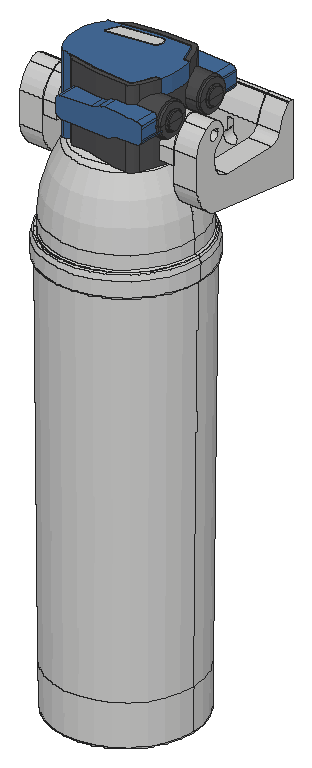
Revit family "DefaultType", category Specialty Equipment, Revit 2018
Family settings
  Round Connector Dimension = Use Diameter
  Part Type = Normal
  OmniClass Number = 23.40.40.14.24
  OmniClass Title = Food Dispensing Equipment
  Work Plane-Based = No
  Always vertical = Yes
  Cut with Voids When Loaded = No
  Shared = No
  Room Calculation Point = No
Parameters (values of type "DefaultType")
  Width = 0' - 4 87/128"  # constant formula
  Weight in Pounds = 6.17
  Wall Bracket Location [instance] = if(Wall Bracket, 0' 0 15/16", 0' 0")  # 0' - 0 15/16"
  Wall Bracket [instance] = yes
  URL Cutsheet = "www.vivreauwater.com/purity_c_quell_st_spec-sheet"
  URL = "www.vivreauwater.com/professional-filters"
  Status = ""
  Specification by User [instance] = ""
  Specification by Manufacturer = "Purity C Quell ST 300 water filtration kit, includes filter head, mount and filter cartridge. Capacity of 1057 gallons for coffee, espresso, vending.   Max operating pressure 125 psi, water intake temp 39-86 degrees Fahrenheit, Nominal flow (pressure loss at nominal flow) 60 I/h 3.6 PSI.   Dimensions w/d/h with filter head 4.9/4.6/18.3in , weight dry/wet 6.1/9.2lbs connection G3/8”, position horizontal and vertical.  Technology, decarbonization.  Systematic filter system, pre-filter, carbonate hardness reduction, activated carbon filtration and fine filtration."
  Serial Number [instance] = ""
  Seismic Rating = ""
  SMACNA No = ""
  Revision Code = ""
  Plumbing Remarks = ""
  Plumbing Connection Type = "NPT"
  NAFEM Spec ID Number = ""
  Mounting Height [instance] = 3' - 0"
  Model = "PURITY C300 Quell ST"
  Masterspec = "Division 11"
  Manufacturer = "Vivreau"
  KCLRef = "KCL2C9,,44d91e82-04aa-478f-a02c-4dd25de865a0,VI,PURITY C300 QUELL ST,637475599520000000,6aab247b-bef6-4b92-84de-7421b6d27a09,ab611030-743f-4f48-897c-af1a01b9a17b"
  KCL SpecSheet URL = "http://kclweb.kclcad.com/imagehandler.ashx?kdoc=mfr_purity%20c_quell_st_specs&R=VI&M=PURITY%20C300%20QUELL%20ST&VC=7&TID=KCLWeb&T=doc"
  Item Number [instance] = ""
  Installed By [instance] = ""
  Identify Quantity as Lot = yes
  Height = 1' - 6 67/256"  # constant formula
  Furnished By [instance] = ""
  Foodservice Equipment Identifier = yes
  Description = "Water Filter"
  Depth = 0' - 4 11/16"  # constant formula
  Cold Water Temperature Recommended = 40 °F
  Cold Water Size = 1/2"
  Cold Water RI Height = 0' - 0"
  Cold Water Minimum Pressure = 29.00 psi
  Cold Water Maximum Pressure = 124.00 psi
  Cold Water Flow = 0.264 GPM
  Cold Water Connection Height = 1' - 5 1/2"
  CSI MasterFormat = "11 46 00"
  Assembly Code = "E1090320"
Reference planes (in)
  plane 1 "BACK": y = 0
  plane 2 "REF. LAYER": z = 0
  plane 3 "Center (Left/Right)": x = 2.125
  plane 4 "Center (Front/Back)": y = -2.125
  plane 5 "Center (Bottom/Top)": z = 43.78488
  plane 6 "Center F/C": z = 54.26172
  plane 7 "Center F/G": z = 52.44396
  plane 8 "Center F/I": z = 53.35969
  plane 9 "Center F/J": x = 4.31004
  plane 10 "Center F/K": y = 0.9375
  plane 11 "Center F/P": z = 36
  plane 12 "Center F/Q": x = -0.21556
  plane 13 "Center F/R": x = 4.46413
  plane 14 "Center F/S": y = -4.47719
  plane 15 "Center F/T": y = 0.21031
Forms (in)
  Revolve 1, solid, material "QF_Plastic-Grey-Vivreau"
    sketch origin (0, -2.125, 0) x (1, 0, 0) y (0, 0, 1)
      loop
        arc (2.12444, 36.20067) -> (3.14226, 36.28114) -> (4.1161, 36.58781) r 4.52345
        line (4.1161, 36.58781) -> (4.1161, 36.02069)
        arc (4.1161, 36.02069) -> (4.12216, 36.00606) -> (4.13679, 36) r 0.02069
        line (4.13679, 36) -> (4.22048, 36)
        arc (4.22048, 36) -> (4.23515, 36.00604) -> (4.24132, 36.02067) r 0.02085
        line (4.24132, 36.02067) -> (4.25232, 37.28062) -> (4.35187, 48.65354) -> (4.44341, 48.65354)
        arc (4.44341, 48.65354) -> (4.45739, 48.65937) -> (4.4631, 48.6734) r 0.01969
        line (4.4631, 48.6734) -> (4.45911, 49.12992) -> (4.4145, 49.29759)
        arc (4.4145, 49.29759) -> (4.40044, 49.31864) -> (4.37647, 49.32677) r 0.03937
        line (4.37647, 49.32677) -> (4.32447, 49.32677)
        arc (4.32447, 49.32677) -> (4.29676, 49.33818) -> (4.2851, 49.3658) r 0.03937
        line (4.2851, 49.3658) -> (4.28162, 49.76465)
        arc (4.28162, 49.76465) -> (4.12884, 50.79056) -> (3.70018, 51.73506) r 3.74016
        arc (3.70018, 51.73506) -> (3.64338, 51.80528) -> (3.57207, 51.86071) r 0.3937
        arc (3.57207, 51.86071) -> (3.47576, 51.91658) -> (3.37727, 51.9685) r 2.75591
        line (3.37727, 51.9685) -> (3.02328, 51.9685) -> (3.02328, 52.44396) -> (2.12444, 52.44396) -> (2.12444, 36.20067)
      axis (2.12444, 52.44396) -> (2.12444, 36)
    angle from 0 to 360
Lines and regions (in)
  symbolic lines
    curve 1: arc (3.61825, -0.32949, 0) -> (1.55846, 0.14055, 0) -> (-0.03764, -1.24371, 0) r 2.33531
    curve 2: arc (4.31004, -2.94918, 0) -> (4.46031, -2.125, 0) -> (4.31004, -1.30082, 0) r 2.33531
    curve 3: arc (-0.10876, -2.8495, 0) -> (1.467, -4.37924, 0) -> (3.61825, -3.93739, 0) r 2.34831
Dimensions and locks (in)
  plane 4 "Center (Front/Back)" to plane 1 "BACK" = 0' - 2 1/8"
  plane 8 "Center F/I" to plane 7 "Center F/G" to plane 5 "Center (Bottom/Top)" to plane 11 "Center F/P" = 0' - 0.91573" locked, 0' - 8.65907" locked, 0' - 7.78488" locked
  "Wall Bracket Location": plane 1 "BACK" to plane 10 "Center F/K"
  "Height": plane 6 "Center F/C" to plane 11 "Center F/P"
  "Mounting Height": plane 11 "Center F/P" to plane 2 "REF. LAYER"
  "Width": plane 12 "Center F/Q" to plane 13 "Center F/R"
  "Depth": plane 15 "Center F/T" to plane 14 "Center F/S"
  aligned and locked: level to plane 2 "REF. LAYER"
  aligned and locked: plane 10 "Center F/K" to nested 2
  aligned and locked: plane 4 "Center (Front/Back)" to nested 1
  aligned and locked: plane 7 "Center F/G" to Revolve 1 sketch curve
Automatic sketch dimensions
  plane 12 "Center F/Q" to Revolve 1 sketch curve = 0' - 0.75717"
  Revolve 1 sketch curve to plane 3 "Center (Left/Right)" = 0' - 0.00056"  (x2)
  plane 3 "Center (Left/Right)" to Revolve 1 sketch curve = 0' - 0.01645"
  plane 3 "Center (Left/Right)" to Revolve 1 sketch curve = 0' - 0.15414"
  plane 3 "Center (Left/Right)" to Revolve 1 sketch curve = 0' - 0.89828"
  Revolve 1 sketch curve to Revolve 1 sketch curve = 0' - 0.34442"
  Revolve 1 sketch curve to Revolve 1 sketch curve = 0' - 0.35399"
  Revolve 1 sketch curve to plane 9 "Center F/J" = 0' - 0.19394"
  Revolve 1 sketch curve to Revolve 1 sketch curve = 0' - 0.02069"
  plane 11 "Center F/P" to Revolve 1 sketch curve = 0' - 0.02085"
  Revolve 1 sketch curve to Revolve 1 sketch curve = 0' - 0.08369"
  plane 11 "Center F/P" to Revolve 1 sketch curve = 0' - 0.02067"
  Revolve 1 sketch curve to plane 9 "Center F/J" = 0' - 0.02842"
  Revolve 1 sketch curve to plane 9 "Center F/J" = 0' - 0.02493"
  plane 9 "Center F/J" to Revolve 1 sketch curve = 0' - 0.01443"
  plane 9 "Center F/J" to Revolve 1 sketch curve = 0' - 0.04183"
  Revolve 1 sketch curve to Revolve 1 sketch curve = 0' - 0.052"
  Revolve 1 sketch curve to Revolve 1 sketch curve = 0' - 0.03803"
  Revolve 1 sketch curve to plane 13 "Center F/R" = 0' - 0.02072"
  Revolve 1 sketch curve to plane 13 "Center F/R" = 0' - 0.00103"
  plane 11 "Center F/P" to Revolve 1 sketch curve = 0' - 0.20067"
  Revolve 1 sketch curve to Revolve 1 sketch curve = 0' - 0.56712"
  Revolve 1 sketch curve to plane 7 "Center F/G" = 0' - 3.79041"
  Revolve 1 sketch curve to Revolve 1 sketch curve = 0' - 0.01969"
  Revolve 1 sketch curve to Revolve 1 sketch curve = 0' - 0.61417"
  Revolve 1 sketch curve to Revolve 1 sketch curve = 0' - 0.01019"
  Revolve 1 sketch curve to Revolve 1 sketch curve = 0' - 0.03903"
  Revolve 1 sketch curve to Revolve 1 sketch curve = 0' - 0.13942"
  Revolve 1 sketch curve to Revolve 1 sketch curve = 0' - 0.22679"
  Revolve 1 sketch curve to Revolve 1 sketch curve = 0' - 0.39885"
  Revolve 1 sketch curve to plane 7 "Center F/G" = 0' - 0.91974"
  Revolve 1 sketch curve to plane 7 "Center F/G" = 0' - 0.47545"
  Revolve 1 sketch curve to Revolve 1 sketch curve = 0' - 0"
  Revolve 1 sketch curve to plane 9 "Center F/J" = 0' - 0.05772"
  Revolve 1 sketch curve to plane 13 "Center F/R" = 0' - 0.00502"
  Revolve 1 sketch curve to plane 11 "Center F/P" = 0' - 2.2815"
  Revolve 1 sketch curve to Revolve 1 sketch curve = 0' - 0.69281"
  Revolve 1 sketch curve to Revolve 1 sketch curve = 0' - 0.16767"
  Revolve 1 sketch curve to Revolve 1 sketch curve = 0' - 0 3/4"
  curve 1 to curve 2 = 0' - 0"
  curve 1 to curve 3 = 0' - 0"  (x2)
  curve 2 to curve 3 = 0' - 0"
  curve 2 to plane 3 "Center (Left/Right)" = 0' - 0"
  curve 2 to plane 9 "Center F/J" = 0' - 0"  (x2)
  plane 4 "Center (Front/Back)" to curve 1 = 0' - 0"
  plane 12 "Center F/Q" to curve 1 = 0' - 0.17792"
  plane 12 "Center F/Q" to curve 3 = 0' - 0.1068"
  curve 3 to curve 2 = 0' - 0.69178"
  plane 1 "BACK" to curve 1 = 0' - 0.32949"
  curve 1 to curve 2 = 0' - 0.69178"
  plane 4 "Center (Front/Back)" to curve 2 = 0' - 0.82418"
  Revolve 1 sketch curve to plane 11 "Center F/P" = 0' - 0"
  curve 3 to plane 14 "Center F/S" = 0' - 0.5398"
Nested families (in)
  nested 1: "QF_Vivreau_ Filter Head_C300" at (0.56167, -0.22503, 0), Mounting Height <- "Mounting Height", type "QF_Vivreau_ Filter Head_C300"
    with Specification by User "", Serial Number "", Mounting Height 3' - 0", Installed By "", Furnished By ""
  nested 2: "QF_Vivreau_Wall Bracket_C300" at (-0.61927, 0.9375, 0), Mounting Height <- "Mounting Height", visible <- "Wall Bracket", type "QF_Vivreau_Wall Bracket_C300"
    with Specification by User "", Serial Number "", Mounting Height 3' - 0", Installed By "", Furnished By ""
Connectors (in)
  piping at (4.31004, -2.9124, 53.40625), diameter 0.5, driven by "Cold Water Size", driven by "Cold Water Flow"
    settings: on nested 1, index 1, connector inside diameter 24", connector length 0' - 0", flow factor 0, pipe flow 0.264 GPM, pressure drop 0.00 psi, fitting loss kfactor 0, connector angle 0.00°, fixture units 0, engagement length 0' - 0", angle of deflection 0.00°, flow configuration 1, flow direction 1, fitting loss method 0, system type 20, joint type 0, gender type 0, connector reference index -1, connector utility 0, adjustable connector no, is connector primary yes, connector description "Cold Water"
Definition of nested family "QF_Vivreau_ Filter Head_C300"
  Parameters (values of type "QF_Vivreau_ Filter Head_C300")
    Width = 3' - 0"
    Weight in Pounds = 0
    URL Cutsheet = ""
    Status = ""
    Specification by User [instance] = ""
    Specification by Manufacturer = ""
    Serial Number [instance] = ""
    Seismic Rating = ""
    SMACNA No = ""
    Revision Code = ""
    NAFEM Spec ID Number = ""
    Mounting Height [instance] = 3' - 0"
    Masterspec = ""
    Installed By [instance] = ""
    Identify Quantity as Lot = yes
    Height = 3' - 0"
    Furnished By [instance] = ""
    Foodservice Equipment Identifier = yes
    Depth = 3' - 0"
    CSI MasterFormat = ""
  Reference planes (in)
    plane 1 "BACK": y = 0
    plane 2 "REF. LAYER": z = 0
    plane 3 "LEFT": x = 0
    plane 4 "Center F/C": x = 3.74837
    plane 5 "Center F/D": y = -3.83618
    plane 6 "Center F/E": z = 53.40625
    plane 7 "Center F/F": z = 54.26113
    plane 8 "Center F/G": z = 51.83732
    plane 9 "Center F/H": z = 52.93291
    plane 10 "Center F/I": z = 53.761
    plane 11 "Center F/J": y = -1.89997
    plane 12 "Center F/N": z = 36
    plane 13 "Center F/O": z = 54.11833
  Forms (in)
    Extrusion 1, solid
      sketch origin (-0.56167, 0.22503, 0) x (1, 0, 0) y (0, 1, 0)
        loop
          arc (3.17939, -3.30146) -> (3.22697, -3.28602) -> (3.25911, -3.24769) r 0.09059
          arc (3.25911, -3.24769) -> (3.55796, -2.125) -> (3.25911, -1.00231) r 2.25819
          arc (3.25911, -1.00231) -> (3.22697, -0.96398) -> (3.17939, -0.94854) r 0.09059
          arc (3.17939, -0.94854) -> (2.02567, -0.99526) -> (0.89165, -1.21272) r 7.75678
          arc (0.89165, -1.21272) -> (0.86179, -1.21999) -> (0.83702, -1.2382) r 0.07824
          arc (0.83702, -1.2382) -> (0.56167, -2.125) -> (0.83702, -3.0118) r 1.56569
          arc (0.83702, -3.0118) -> (0.86179, -3.03001) -> (0.89165, -3.03728) r 0.07824
          arc (0.89165, -3.03728) -> (2.02567, -3.25474) -> (3.17939, -3.30146) r 7.75678
      from 51.83732 to 54.26113
    Revolve 2, solid
      sketch origin (-16.04659, -180, 53.40625) x (-1, 0, 0) y (0, -1, 0)
        loop
          line (-19.59812, -178.88743) -> (-18.72075, -178.88743) -> (-18.7668, -178.36111) -> (-19.59812, -178.37562) -> (-19.59812, -178.88743)
        axis (-18.72075, -178.88743) -> (-19.59812, -178.88743)
      angle from 0 to 360
    Revolve 3, solid
      sketch origin (-16.04659, -180, 53.40625) x (-1, 0, 0) y (0, -1, 0)
        loop
          line (-19.59812, -177.31262) -> (-18.72075, -177.31262) -> (-18.7668, -176.7863) -> (-19.59812, -176.80081) -> (-19.59812, -177.31262)
        axis (-18.72075, -177.31262) -> (-19.59812, -177.31262)
      angle from 0 to 360
    Extrusion 4, void
      sketch origin (-0.56167, 0.22503, 0) x (0, 1, 0) y (0, 0, 1)
        loop
          circle (-2.125, 52.87475) r 0.20757
      from 3.17075 to 3.70744
    Extrusion 5, void
      sketch origin (-2.8954, 0.22503, 0) x (0, 1, 0) y (0, 0, 1)
        loop
          circle (-2.125, 52.87475) r 0.20757
      from 2.77402 to 3.28855
    Revolve 6, solid
      sketch origin (-16.04659, -180, 53.40625) x (-1, 0, 0) y (0, -1, 0)
        loop
          line (-19.59812, -178.88743) -> (-19.59812, -178.41499) -> (-19.69654, -178.41499) -> (-19.69654, -178.58034) -> (-19.73591, -178.58379) -> (-19.73591, -178.63349) -> (-19.79497, -178.63349) -> (-19.79497, -178.88743) -> (-19.59812, -178.88743)
        axis (-19.59812, -178.88743) -> (-19.79497, -178.88743)
      angle from 0 to 360
    Revolve 7, solid
      sketch origin (-16.04659, -180, 53.40625) x (-1, 0, 0) y (0, -1, 0)
        loop
          line (-19.59812, -177.31262) -> (-19.59812, -176.84018) -> (-19.69654, -176.84018) -> (-19.69654, -177.00554) -> (-19.73591, -177.00898) -> (-19.73591, -177.05869) -> (-19.79497, -177.05869) -> (-19.79497, -177.31262) -> (-19.59812, -177.31262)
        axis (-19.59812, -177.31262) -> (-19.79497, -177.31262)
      angle from 0 to 360
    Extrusion 8, solid
      sketch origin (0, 0, 0) x (0, 1, 0) y (0, 0, 1)
        loop
          circle (-1.89997, 52.87475) r 0.20757
        loop
          circle (-1.89997, 52.87475) r 0.14507
      from 2.60908 to 3.01441
    Extrusion 9, solid
      sketch origin (-2.62125, 0, 0) x (0, 1, 0) y (0, 0, 1)
        loop
          circle (-1.89997, 52.87475) r 0.20757
        loop
          circle (-1.89997, 52.87475) r 0.14507
      from 2.60908 to 3.01441
    Extrusion 10, solid
      sketch origin (0, 0, 10.75) x (1, 0, 0) y (0, 1, 0)
        loop
          arc (2.61773, -0.72352) -> (2.65703, -0.73399) -> (2.68778, -0.7606) r 0.09059
          arc (2.68778, -0.7606) -> (2.99629, -1.89997) -> (2.68778, -3.03935) r 2.25819
          arc (2.68778, -3.03935) -> (2.65703, -3.06596) -> (2.61773, -3.07643) r 0.09059
          arc (2.61773, -3.07643) -> (1.60555, -3.04475) -> (0.60613, -2.88147) r 7.75678
          arc (0.60613, -2.88147) -> (0.72009, -2.98959) -> (0.8462, -3.08325) r 1.30616
          arc (0.8462, -3.08325) -> (1.72654, -3.2138) -> (2.6163, -3.23254) r 7.05821
          arc (2.6163, -3.23254) -> (2.77551, -3.16312) -> (2.87152, -3.01839) r 0.30684
          arc (2.87152, -3.01839) -> (3.18694, -1.89997) -> (2.87152, -0.78156) r 2.14057
          arc (2.87152, -0.78156) -> (2.77551, -0.63683) -> (2.6163, -0.5674) r 0.30684
          arc (2.6163, -0.5674) -> (1.72654, -0.58614) -> (0.8462, -0.7167) r 7.05821
          arc (0.8462, -0.7167) -> (0.72009, -0.81036) -> (0.60613, -0.91847) r 1.30616
          arc (0.60613, -0.91847) -> (1.60555, -0.7552) -> (2.61773, -0.72352) r 7.75678
      from 41.08732 to 43.51113
    Extrusion 11, void
      sketch origin (0, 0, 10.75) x (1, 0, 0) y (0, 1, 0)
        loop
          arc (2.92876, -1.35185) -> (2.99629, -1.89997) -> (2.92876, -2.4481) r 2.25819
          line (2.92876, -2.4481) -> (3.11557, -2.4481)
          arc (3.11557, -2.4481) -> (3.18694, -1.89997) -> (3.11557, -1.35185) r 2.14057
          line (3.11557, -1.35185) -> (2.92876, -1.35185)
      from 43.011 to 43.51113
    Extrusion 12, solid
      sketch origin (0, 0, 10.75) x (1, 0, 0) y (0, 1, 0)
        loop
          arc (0.70049, -1.02146) -> (0.59462, -1.21203) -> (0.51669, -1.41563) r 1.54109
          arc (0.51669, -1.41563) -> (0.54, -1.44367) -> (0.57618, -1.44818) r 0.04958
          arc (0.57618, -1.44818) -> (1.21574, -1.31536) -> (1.86503, -1.24405) r 6.85047
          arc (1.86503, -1.24405) -> (2.03249, -1.03201) -> (1.82552, -0.85833) r 0.19395
          arc (1.82552, -0.85833) -> (1.26009, -0.91975) -> (0.70049, -1.02146) r 7.94315
      from 43.36833 to 43.51113
    Extrusion 13, solid
      sketch origin (0, 0, 10.75) x (1, 0, 0) y (0, 1, 0)
        loop
          arc (3.11557, -2.4481) -> (3.18694, -1.89997) -> (3.11557, -1.35185) r 2.14057
          line (3.11557, -1.35185) -> (2.92876, -1.35185)
          arc (2.92876, -1.35185) -> (2.99629, -1.89997) -> (2.92876, -2.4481) r 2.25819
          line (2.92876, -2.4481) -> (3.11557, -2.4481)
      from 43.011 to 43.51113
    Extrusion 14, void
      sketch origin (0, 0, 7.83203) x (1, 0, 0) y (0, 1, 0)
        loop
          arc (0.57618, -1.44818) -> (1.21574, -1.31536) -> (1.86503, -1.24405) r 6.85047
          arc (1.86503, -1.24405) -> (2.03249, -1.03201) -> (1.82552, -0.85833) r 0.19395
          arc (1.82552, -0.85833) -> (1.26009, -0.91975) -> (0.70049, -1.02146) r 7.94315
          arc (0.70049, -1.02146) -> (0.59462, -1.21203) -> (0.51669, -1.41563) r 1.54109
          arc (0.51669, -1.41563) -> (0.54, -1.44367) -> (0.57618, -1.44818) r 0.04958
      from 46.28629 to 46.4291
  Cuts and joins
    Extrusion 4, Extrusion 5, Extrusion 14 cuts Extrusion 1
    joined: Extrusion 1, Extrusion 13
    Extrusion 11 cuts Extrusion 10
  Lines and regions (in)
    symbolic lines
      curve 1: arc (0.32999, -2.81225, 0) -> (1.464, -3.02972, 0) -> (2.61773, -3.07643, 0) r 7.75678
      curve 2: arc (2.61773, -3.07643, 0) -> (2.6653, -3.061, 0) -> (2.69744, -3.02266, 0) r 0.09059
      curve 3: arc (2.69744, -3.02266, 0) -> (2.99629, -1.89997, 0) -> (2.69744, -0.77728, 0) r 2.25819
      curve 4: arc (2.69744, -0.77728, 0) -> (2.6653, -0.73895, 0) -> (2.61773, -0.72352, 0) r 0.09059
      curve 5: arc (2.61773, -0.72352, 0) -> (1.464, -0.77023, 0) -> (0.32999, -0.9877, 0) r 7.75678
      curve 6: arc (0.32999, -0.9877, 0) -> (0.30012, -0.99496, 0) -> (0.27535, -1.01317, 0) r 0.07824
      curve 7: arc (0.27535, -1.01317, 0) -> (0, -1.89997, 0) -> (0.27535, -2.78678, 0) r 1.56569
      curve 8: arc (0.27535, -2.78678, 0) -> (0.30012, -2.80499, 0) -> (0.32999, -2.81225, 0) r 0.07824
      curve 9: line (3.74837, -2.94131, 0) -> (3.68932, -2.94131, 0)
      curve 10: arc (0.85161, -0.6986, 0) -> (0.82653, -0.78661, 0) -> (0.80424, -0.87538, 0) r 2.89017
      curve 11: arc (0.85161, -0.6986, 0) -> (0.87512, -0.61425, 0) -> (0.90582, -0.53225, 0) r 1.0142
      curve 12: arc (0.90582, -0.53225, 0) -> (0.95826, -0.37458, 0) -> (1.01402, -0.21806, 0) r 7.87402
      curve 13: arc (1.01402, -0.21806, 0) -> (1.03304, -0.19156, 0) -> (1.06321, -0.17918, 0) r 0.05912
      curve 14: arc (1.06321, -0.17918, 0) -> (2.22788, -0.07327, 0) -> (3.39529, -0.1428, 0) r 7.79531
      curve 15: arc (3.39529, -0.1428, 0) -> (3.42859, -0.1583, 0) -> (3.44724, -0.18996, 0) r 0.0619
      curve 16: arc (3.44724, -0.18996, 0) -> (3.48188, -0.39473, 0) -> (3.50801, -0.60076, 0) r 5.02104
      curve 17: line (3.64995, -0.64013, 0) -> (3.55152, -0.64013, 0)
      curve 18: line (3.55152, -0.64013, 0) -> (3.55152, -0.60076, 0)
      curve 19: line (3.55152, -0.60076, 0) -> (3.50801, -0.60076, 0)
      curve 20: line (3.55152, -0.64013, 0) -> (3.55152, -1.62438, 0)
      curve 21: line (3.55152, -1.62438, 0) -> (2.98062, -1.63435, 0)
      curve 22: line (3.64995, -1.58501, 0) -> (3.55152, -1.58501, 0)
      curve 23: line (3.64995, -1.58501, 0) -> (3.64995, -0.64013, 0)
      curve 24: line (3.68932, -1.41621, 0) -> (3.64995, -1.41966, 0)
      curve 25: line (3.68932, -1.41621, 0) -> (3.68932, -0.80849, 0)
      curve 26: line (3.74837, -0.85864, 0) -> (3.68932, -0.85864, 0)
      curve 27: line (3.74837, -0.85864, 0) -> (3.74837, -1.36651, 0)
      curve 28: line (3.74837, -1.36651, 0) -> (3.68932, -1.36651, 0)
      curve 29: line (3.64995, -3.15982, 0) -> (3.55152, -3.15982, 0)
      curve 30: line (3.55152, -3.15982, 0) -> (3.55152, -3.19919, 0)
      curve 31: line (3.55152, -3.19919, 0) -> (3.50801, -3.19919, 0)
      curve 32: line (3.55152, -3.15982, 0) -> (3.55152, -2.17556, 0)
      curve 33: line (3.64995, -2.21493, 0) -> (3.55152, -2.21493, 0)
      curve 34: line (3.64995, -2.21493, 0) -> (3.64995, -3.15982, 0)
      curve 35: line (3.68932, -2.38373, 0) -> (3.64995, -2.38029, 0)
      curve 36: line (3.68932, -2.38373, 0) -> (3.68932, -2.99146, 0)
      curve 37: line (3.74837, -2.94131, 0) -> (3.68932, -2.94131, 0)
      curve 38: line (3.74837, -2.94131, 0) -> (3.74837, -2.43344, 0)
      curve 39: line (3.74837, -2.43344, 0) -> (3.68932, -2.43344, 0)
      curve 40: arc (0.85161, -3.10135, 0) -> (0.82653, -3.01334, 0) -> (0.80424, -2.92457, 0) r 2.89017
      curve 41: arc (0.85161, -3.10135, 0) -> (0.87512, -3.1857, 0) -> (0.90582, -3.2677, 0) r 1.0142
      curve 42: arc (0.90582, -3.2677, 0) -> (0.95826, -3.42537, 0) -> (1.01402, -3.58189, 0) r 7.87402
      curve 43: arc (1.01402, -3.58189, 0) -> (1.03304, -3.60839, 0) -> (1.06321, -3.62077, 0) r 0.05912
      curve 44: arc (1.06321, -3.62077, 0) -> (2.22788, -3.72667, 0) -> (3.39529, -3.65715, 0) r 7.79531
      curve 45: arc (3.39529, -3.65715, 0) -> (3.42859, -3.64164, 0) -> (3.44724, -3.60999, 0) r 0.0619
      curve 46: arc (3.44724, -3.60999, 0) -> (3.48188, -3.40522, 0) -> (3.50801, -3.19919, 0) r 5.02104
      curve 47: line (3.55152, -3.15982, 0) -> (3.55152, -3.19919, 0)
      curve 48: line (3.55152, -3.19919, 0) -> (3.50801, -3.19919, 0)
      curve 49: line (3.55152, -3.15982, 0) -> (3.55152, -2.17556, 0)
      curve 50: line (3.55152, -2.17556, 0) -> (2.98062, -2.1656, 0)
      curve 51: line (0, 0, 0) -> (3.74837, 0, 0)
      curve 52: line (0, -1.89997, 0) -> (2.99629, -1.89997, 0)
      curve 53: line (3.64995, -0.80549, 0) -> (3.68932, -0.80849, 0)
      curve 54: line (3.64995, -2.99446, 0) -> (3.68932, -2.99146, 0)
  Dimensions and locks (in)
    plane 7 "Center F/F" to plane 10 "Center F/I" to plane 6 "Center F/E" to plane 9 "Center F/H" to plane 8 "Center F/G" = 0' - 0.50013" locked, 0' - 0.35475" locked, 0' - 0.47334" locked, 0' - 1.09559" locked
    plane 5 "Center F/D" to plane 11 "Center F/J" to plane 1 "BACK" = 0' - 1.93621" locked, 0' - 1.89997" locked
    locked: plane 6 "Center F/E" to nested 1 at 0.05953
    locked: plane 8 "Center F/G" to plane 12 "Center F/N" at 15.83732
    "Mounting Height": plane 12 "Center F/N" to plane 2 "REF. LAYER"
    locked: plane 7 "Center F/F" to plane 13 "Center F/O" at 0.14281
    aligned and locked: level to plane 2 "REF. LAYER"
    aligned and locked: plane 7 "Center F/F" to cut or joined group of Extrusion 1, Extrusion 4, Extrusion 5, Extrusion 13, Extrusion 14
    aligned and locked: cut or joined group of Extrusion 1, Extrusion 4, Extrusion 5, Extrusion 13, Extrusion 14 to plane 8 "Center F/G"
    aligned and locked: nested 1 to plane 11 "Center F/J"
    aligned and locked: plane 11 "Center F/J" to nested 1
    aligned and locked: Extrusion 10 to plane 8 "Center F/G"
    aligned and locked: Extrusion 13 to plane 10 "Center F/I"
    aligned and locked: Extrusion 11 to plane 10 "Center F/I"
    aligned and locked: plane 7 "Center F/F" to Extrusion 10
    aligned and locked: plane 7 "Center F/F" to Extrusion 13
    aligned and locked: plane 7 "Center F/F" to Extrusion 11
    aligned and locked: plane 7 "Center F/F" to Extrusion 14
    aligned and locked: Extrusion 12 to plane 13 "Center F/O"
    aligned and locked: plane 7 "Center F/F" to Extrusion 12
    aligned and locked: Extrusion 14 to plane 13 "Center F/O"
  Automatic sketch dimensions
    curve 51 to level = 0' - 0"
    curve 51 to plane 3 "LEFT" = 0' - 0"
    curve 51 to plane 4 "Center F/C" = 0' - 0"
    curve 52 to plane 3 "LEFT" = 0' - 0"
    plane 11 "Center F/J" to curve 3 = 0' - 0"
    plane 11 "Center F/J" to curve 7 = 0' - 0"
    plane 11 "Center F/J" to curve 52 = 0' - 0"
    curve 39 to plane 4 "Center F/C" = 0' - 0"
    curve 28 to plane 4 "Center F/C" = 0' - 0"
    curve 16 to plane 3 "LEFT" = 0' - 1.48511"
    curve 46 to plane 3 "LEFT" = 0' - 1.48511"
    plane 3 "LEFT" to curve 8 = 0' - 0.33318"
    plane 3 "LEFT" to curve 6 = 0' - 0.33318"
    plane 3 "LEFT" to curve 3 = 0' - 0.7381"
    plane 1 "BACK" to curve 13 = 0' - 0.23795"
    plane 3 "LEFT" to curve 13 = 0' - 1.0697"
    curve 43 to plane 5 "Center F/D" = 0' - 0.27418"
    plane 3 "LEFT" to curve 43 = 0' - 1.0697"
    curve 3 to curve 7 = 0' - 0.82759"
    curve 7 to curve 11 = 0' - 0.27372"
    curve 7 to curve 41 = 0' - 0.27372"
    curve 14 to plane 4 "Center F/C" = 0' - 1.39888"
    curve 44 to plane 4 "Center F/C" = 0' - 1.39888"
    curve 44 to curve 1 = 0' - 0.00431"
    curve 14 to curve 5 = 0' - 0.00431"
    curve 41 to curve 2 = 0' - 0.77523"
    curve 11 to curve 4 = 0' - 0.77523"
    plane 1 "BACK" to curve 15 = 0' - 0.20414"
    curve 15 to plane 4 "Center F/C" = 0' - 0.36139"
    curve 45 to plane 4 "Center F/C" = 0' - 0.36139"
    curve 48 to plane 4 "Center F/C" = 0' - 0.24036"
    curve 19 to plane 4 "Center F/C" = 0' - 0.24036"
    curve 16 to curve 19 = 0' - 0.04351"
    curve 31 to curve 48 = 0' - 0.04351"
    curve 22 to curve 10 = 0' - 0.0667"
    curve 33 to curve 40 = 0' - 0.0667"
    curve 17 to curve 17 = 0' - 0.09843"
    curve 29 to curve 34 = 0' - 0.09843"
    curve 24 to curve 25 = 0' - 0.03937"
    curve 35 to curve 35 = 0' - 0.03937"
    plane 1 "BACK" to curve 42 = 0' - 0.86161"
    plane 4 "Center F/C" to curve 42 = 0' - 4.65484"
    curve 12 to plane 5 "Center F/D" = 0' - 0.89785"
    curve 12 to curve 42 = 0' - 0"
    curve 45 to plane 5 "Center F/D" = 0' - 0.24037"
    plane 5 "Center F/D" to curve 14 = 0' - 4.03145"
    curve 5 to curve 14 = 0' - 0.60817"
    curve 45 to curve 47 = 0' - 0.39662"
    curve 30 to curve 34 = 0' - 0.03937"
    curve 29 to curve 36 = 0' - 0.16836"
    curve 2 to plane 5 "Center F/D" = 0' - 0.85029"
    curve 36 to curve 9 = 0' - 0.05014"
    curve 2 to curve 41 = 0' - 0.11446"
    plane 11 "Center F/J" to curve 8 = 0' - 0.8341"
    plane 11 "Center F/J" to curve 46 = 0' - 0.77047"
    curve 9 to curve 39 = 0' - 0.50787"
    curve 39 to curve 36 = 0' - 0.04971"
    curve 35 to curve 40 = 0' - 0.11843"
    curve 40 to curve 34 = 0' - 0.05037"
    curve 33 to curve 49 = 0' - 0.03937"
    curve 21 to plane 11 "Center F/J" = 0' - 0.27559"
    curve 20 to curve 22 = 0' - 0.03937"
    curve 22 to curve 10 = 0' - 0.05037"
    curve 10 to curve 24 = 0' - 0.11843"
    curve 24 to curve 27 = 0' - 0.04971"
    curve 16 to plane 11 "Center F/J" = 0' - 0.77047"
    curve 6 to plane 11 "Center F/J" = 0' - 0.8341"
    plane 1 "BACK" to curve 11 = 0' - 0.92852"
    curve 27 to curve 26 = 0' - 0.50787"
    curve 11 to curve 4 = 0' - 0.11446"
    curve 26 to curve 25 = 0' - 0.05014"
    curve 25 to curve 17 = 0' - 0.16836"
    curve 17 to curve 19 = 0' - 0.03937"
    curve 44 to plane 1 "BACK" = 0' - 4.06768"
    curve 44 to curve 1 = 0' - 0.60817"
    curve 8 to curve 8 = 0' - 0.05783"
    curve 6 to curve 6 = 0' - 0.05783"
    curve 7 to curve 6 = 0' - 0.05464"
    curve 8 to curve 8 = 0' - 0.05464"
    curve 8 to curve 40 = 0' - 0.47425"
    curve 5 to curve 10 = 0' - 0.47425"
    curve 40 to curve 40 = 0' - 0.04737"
    curve 10 to curve 10 = 0' - 0.04737"
    curve 10 to curve 11 = 0' - 0.05421"
    curve 41 to curve 41 = 0' - 0.05421"
    curve 43 to curve 43 = 0' - 0.05568"
    curve 12 to curve 13 = 0' - 0.05568"
    curve 43 to curve 43 = 0' - 0.00649"
    curve 13 to curve 13 = 0' - 0.00649"
    curve 4 to curve 5 = 0' - 0"
    curve 2 to curve 1 = 0' - 0"
    curve 2 to curve 2 = 0' - 0.08279"
    curve 21 to plane 11 "Center F/J" = 0' - 0 17/64"
    plane 11 "Center F/J" to curve 50 = 0' - 0 17/64"
    curve 15 to curve 14 = 0' - 0"
    curve 45 to curve 44 = 0' - 0"
    curve 54 to curve 36 = 0' - 0.00301"
    curve 35 to curve 35 = 0' - 0.00344"
    curve 24 to curve 24 = 0' - 0.00344"
    curve 25 to curve 53 = 0' - 0.00301"
    plane 11 "Center F/J" to Extrusion 1 sketch curve = 0' - 0"  (x2)
    plane 3 "LEFT" to Extrusion 1 sketch curve = 0' - 0.33318"  (x2)
    plane 3 "LEFT" to Extrusion 1 sketch curve = 0' - 0.7381"
    Extrusion 1 sketch curve to Extrusion 1 sketch curve = 0' - 0.82759"
    Extrusion 1 sketch curve to plane 4 "Center F/C" = 0' - 1.39457"  (x2)
    Extrusion 1 sketch curve to plane 4 "Center F/C" = 0' - 1.13373"  (x2)
    plane 11 "Center F/J" to Extrusion 1 sketch curve = 0' - 0.8341"
    Extrusion 1 sketch curve to plane 5 "Center F/D" = 0' - 0.85029"
    plane 5 "Center F/D" to Extrusion 1 sketch curve = 0' - 4.63962"
    Extrusion 1 sketch curve to plane 11 "Center F/J" = 0' - 0.8341"
    plane 1 "BACK" to Extrusion 1 sketch curve = 0' - 0.81406"
    Extrusion 1 sketch curve to plane 1 "BACK" = 0' - 4.67585"
    Extrusion 1 sketch curve to Extrusion 1 sketch curve = 0' - 0.0032"  (x2)
    Extrusion 1 sketch curve to Extrusion 1 sketch curve = 0' - 0.05464"  (x2)
    Extrusion 1 sketch curve to Extrusion 1 sketch curve = 0' - 0.00308"  (x2)
    Extrusion 1 sketch curve to Extrusion 1 sketch curve = 0' - 0"
    Extrusion 1 sketch curve to Extrusion 1 sketch curve = 0' - 0.08279"
    Revolve 2 sketch curve to plane 4 "Center F/C" = 0' - 0.19685"
    Revolve 2 sketch curve to plane 11 "Center F/J" = 0' - 0.26108"
    Revolve 2 sketch curve to Revolve 2 sketch curve = 0' - 0.83132"
    Revolve 2 sketch curve to Revolve 2 sketch curve = 0' - 0.04605"
    Revolve 2 sketch curve to plane 11 "Center F/J" = 0' - 0.27559"
    Revolve 2 sketch curve to Revolve 2 sketch curve = 0' - 0.52632"
    Revolve 2 sketch curve to Revolve 2 sketch curve = 0' - 0"  (x3)
    Revolve 3 sketch curve to plane 4 "Center F/C" = 0' - 0.19685"
    Revolve 3 sketch curve to Revolve 3 sketch curve = 0' - 0.83132"
    Revolve 3 sketch curve to Revolve 3 sketch curve = 0' - 0.04605"
    plane 11 "Center F/J" to Revolve 3 sketch curve = 0' - 0.7874"
    Revolve 3 sketch curve to Revolve 3 sketch curve = 0' - 0.51181"
    Revolve 3 sketch curve to Revolve 3 sketch curve = 0' - 0.52632"
    Revolve 3 sketch curve to Revolve 3 sketch curve = 0' - 0"  (x3)
    Extrusion 4 sketch curve to plane 11 "Center F/J" = 0' - 0"
    Extrusion 4 sketch curve to plane 9 "Center F/H" = 0' - 0.05816"
    Extrusion 5 sketch curve to plane 11 "Center F/J" = 0' - 0"
    Extrusion 5 sketch curve to plane 9 "Center F/H" = 0' - 0.05816"
    Revolve 6 sketch curve to plane 4 "Center F/C" = 0' - 0"
    Revolve 6 sketch curve to plane 4 "Center F/C" = 0' - 0.05906"
    Revolve 6 sketch curve to Revolve 6 sketch curve = 0' - 0.03937"
    Revolve 6 sketch curve to Revolve 6 sketch curve = 0' - 0.09843"
    Revolve 6 sketch curve to plane 11 "Center F/J" = 0' - 0.7874"
    Revolve 6 sketch curve to Revolve 6 sketch curve = 0' - 0.25394"
    Revolve 6 sketch curve to Revolve 6 sketch curve = 0' - 0.04971"
    Revolve 6 sketch curve to Revolve 6 sketch curve = 0' - 0.00344"
    Revolve 6 sketch curve to Revolve 6 sketch curve = 0' - 0.16535"
    Revolve 6 sketch curve to Revolve 6 sketch curve = 0' - 0.0902"
    Revolve 6 sketch curve to Revolve 6 sketch curve = 0' - 0"  (x2)
    Revolve 7 sketch curve to plane 4 "Center F/C" = 0' - 0"
    Revolve 7 sketch curve to plane 4 "Center F/C" = 0' - 0.05906"
    Revolve 7 sketch curve to Revolve 7 sketch curve = 0' - 0.03937"
    Revolve 7 sketch curve to Revolve 7 sketch curve = 0' - 0.09843"
    plane 11 "Center F/J" to Revolve 7 sketch curve = 0' - 0.7874"
    Revolve 7 sketch curve to Revolve 7 sketch curve = 0' - 0.25394"
    Revolve 7 sketch curve to Revolve 7 sketch curve = 0' - 0.04971"
    Revolve 7 sketch curve to Revolve 7 sketch curve = 0' - 0.00344"
    Revolve 7 sketch curve to Revolve 7 sketch curve = 0' - 0.16535"
    Revolve 7 sketch curve to Revolve 7 sketch curve = 0' - 0.0902"
    Revolve 7 sketch curve to Revolve 7 sketch curve = 0' - 0"  (x2)
    Extrusion 8 sketch curve to Extrusion 8 sketch curve = 0' - 0"  (x6)
    Extrusion 8 sketch curve to plane 11 "Center F/J" = 0' - 0"
    Extrusion 8 sketch curve to plane 9 "Center F/H" = 0' - 0.05816"
    Extrusion 8 sketch curve to Extrusion 8 sketch curve = 0' - 0.14507"
    Extrusion 9 sketch curve to Extrusion 9 sketch curve = 0' - 0"  (x6)
    Extrusion 9 sketch curve to plane 11 "Center F/J" = 0' - 0"
    Extrusion 9 sketch curve to plane 9 "Center F/H" = 0' - 0.05816"
    Extrusion 9 sketch curve to Extrusion 9 sketch curve = 0' - 0.14507"
    plane 11 "Center F/J" to Extrusion 10 sketch curve = 0' - 0"  (x2)
    plane 3 "LEFT" to Extrusion 10 sketch curve = 0' - 0.7381"
    Extrusion 10 sketch curve to Extrusion 10 sketch curve = 0' - 0.30827"
    plane 11 "Center F/J" to Extrusion 10 sketch curve = 0' - 0.08971"
    Extrusion 10 sketch curve to Extrusion 10 sketch curve = 0' - 0.5141"
    Extrusion 10 sketch curve to Extrusion 10 sketch curve = 0' - 0"  (x3)
    Extrusion 10 sketch curve to plane 4 "Center F/C" = 0' - 1.42862"  (x2)
    Extrusion 10 sketch curve to Extrusion 10 sketch curve = 0' - 0.03406"  (x2)
    Extrusion 10 sketch curve to plane 4 "Center F/C" = 0' - 1.1701"  (x2)
    Extrusion 10 sketch curve to Extrusion 10 sketch curve = 0' - 0.03637"  (x2)
    Extrusion 10 sketch curve to plane 5 "Center F/D" = 0' - 0.90812"
    Extrusion 10 sketch curve to Extrusion 10 sketch curve = 0' - 0.05782"  (x2)
    plane 5 "Center F/D" to Extrusion 10 sketch curve = 0' - 3.78319"
    Extrusion 10 sketch curve to Extrusion 10 sketch curve = 0' - 0.85642"  (x2)
    Extrusion 10 sketch curve to plane 11 "Center F/J" = 0' - 0.08971"
    plane 1 "BACK" to Extrusion 10 sketch curve = 0' - 0.87188"
    Extrusion 10 sketch curve to plane 1 "BACK" = 0' - 3.81943"
    plane 3 "LEFT" to Extrusion 10 sketch curve = 0' - 0.60613"  (x2)
    Extrusion 10 sketch curve to Extrusion 10 sketch curve = 0' - 0.24007"  (x2)
    Extrusion 10 sketch curve to Extrusion 10 sketch curve = 0' - 0.00166"  (x2)
    Extrusion 10 sketch curve to Extrusion 10 sketch curve = 0' - 0.00308"  (x2)
    Extrusion 10 sketch curve to Extrusion 10 sketch curve = 0' - 0.07006"
    Extrusion 10 sketch curve to Extrusion 10 sketch curve = 0' - 0.18374"
    plane 11 "Center F/J" to Extrusion 11 sketch curve = 0' - 0"  (x2)
    plane 3 "LEFT" to Extrusion 11 sketch curve = 0' - 0.7381"
    Extrusion 11 sketch curve to Extrusion 11 sketch curve = 0' - 0.30827"
    Extrusion 11 sketch curve to plane 4 "Center F/C" = 0' - 0.81961"
    Extrusion 11 sketch curve to plane 11 "Center F/J" = 0' - 0.54813"
    Extrusion 11 sketch curve to Extrusion 11 sketch curve = 0' - 0"
    Extrusion 11 sketch curve to Extrusion 11 sketch curve = 0' - 0.18681"
    plane 3 "LEFT" to Extrusion 12 sketch curve = 0' - 0.5638"
    Extrusion 12 sketch curve to Extrusion 12 sketch curve = 0' - 1.27575"
    Extrusion 12 sketch curve to plane 11 "Center F/J" = 0' - 0.03665"
    Extrusion 12 sketch curve to Extrusion 12 sketch curve = 0' - 0.15177"
    Extrusion 12 sketch curve to plane 4 "Center F/C" = 0' - 1.46099"
    Extrusion 12 sketch curve to Extrusion 12 sketch curve = 0' - 0.11254"
    plane 5 "Center F/D" to Extrusion 12 sketch curve = 0' - 4.2453"
    Extrusion 12 sketch curve to Extrusion 12 sketch curve = 0' - 0 179/256"
    Extrusion 12 sketch curve to plane 11 "Center F/J" = 0' - 0.4998"
    Extrusion 12 sketch curve to Extrusion 12 sketch curve = 0' - 0.81155"
    Extrusion 12 sketch curve to Extrusion 12 sketch curve = 0' - 0.04711"
    Extrusion 12 sketch curve to Extrusion 12 sketch curve = 0' - 0.01238"
    Extrusion 12 sketch curve to Extrusion 12 sketch curve = 0' - 0"  (x2)
    Extrusion 12 sketch curve to Extrusion 12 sketch curve = 0' - 0.13669"
    plane 11 "Center F/J" to Extrusion 13 sketch curve = 0' - 0"  (x2)
    plane 3 "LEFT" to Extrusion 13 sketch curve = 0' - 0.7381"
    Extrusion 13 sketch curve to Extrusion 13 sketch curve = 0' - 0.30827"
    Extrusion 13 sketch curve to plane 4 "Center F/C" = 0' - 0.81961"
    plane 11 "Center F/J" to Extrusion 13 sketch curve = 0' - 0.54813"
    Extrusion 13 sketch curve to Extrusion 13 sketch curve = 0' - 0"
    Extrusion 13 sketch curve to Extrusion 13 sketch curve = 0' - 0.18681"
    plane 3 "LEFT" to Extrusion 14 sketch curve = 0' - 0.5638"
    Extrusion 14 sketch curve to Extrusion 14 sketch curve = 0' - 1.27575"
    Extrusion 14 sketch curve to plane 11 "Center F/J" = 0' - 0.03665"
    Extrusion 14 sketch curve to Extrusion 14 sketch curve = 0' - 0.15177"
    Extrusion 14 sketch curve to plane 4 "Center F/C" = 0' - 1.46099"
    Extrusion 14 sketch curve to Extrusion 14 sketch curve = 0' - 0.11254"
    plane 5 "Center F/D" to Extrusion 14 sketch curve = 0' - 4.2453"
    Extrusion 14 sketch curve to Extrusion 14 sketch curve = 0' - 0 179/256"
    Extrusion 14 sketch curve to plane 11 "Center F/J" = 0' - 0.4998"
    Extrusion 14 sketch curve to Extrusion 14 sketch curve = 0' - 0.81155"
    Extrusion 14 sketch curve to Extrusion 14 sketch curve = 0' - 0.04711"
    Extrusion 14 sketch curve to Extrusion 14 sketch curve = 0' - 0.01238"
    Extrusion 14 sketch curve to Extrusion 14 sketch curve = 0' - 0"  (x2)
    Extrusion 14 sketch curve to Extrusion 14 sketch curve = 0' - 0.13669"
    radius of Extrusion 4 sketch curve = 0' - 0.20757"
    radius of Extrusion 5 sketch curve = 0' - 0.20757"
    radius of Extrusion 8 sketch curve = 0' - 0.20757"
    radius of Extrusion 9 sketch curve = 0' - 0.20757"
  Nested families (in)
    nested 1: "QF_Vivreau_Filter Handles" at (0, 0.00348, 52.933), type "QF_Vivreau_Filter Handles"
      with Specification by User "", Serial Number "", Installed By "", Furnished By ""
  Definition of nested family "QF_Vivreau_Filter Handles"
    Parameters (values of type "QF_Vivreau_Filter Handles")
      Width = 3' - 0"
      Weight in Pounds = 0
      URL Cutsheet = ""
      Status = ""
      Specification by User [instance] = ""
      Specification by Manufacturer = ""
      Serial Number [instance] = ""
      Seismic Rating = ""
      SMACNA No = ""
      Revision Code = ""
      NAFEM Spec ID Number = ""
      Masterspec = ""
      Installed By [instance] = ""
      Identify Quantity as Lot = yes
      Height = 3' - 0"
      Furnished By [instance] = ""
      Foodservice Equipment Identifier = yes
      Depth = 3' - 0"
      CSI MasterFormat = ""
    Reference planes (in)
      plane 1 "BACK": y = 0
      plane 2 "REF. LAYER": z = 0
      plane 3 "LEFT": x = 0
      plane 4 "Center F/C": y = -3.80691
      plane 5 "Center F/D": y = -1.90346
      plane 6 "Center F/E": z = 0.82744
      plane 7 "Center F/G": z = 0.41372
    Forms (in)
      Extrusion 1, solid
        sketch origin (0, 0, 0.00057) x (1, 0, 0) y (0, 0, 1)
          loop
            arc (0.8571, 0.55383) -> (0.83682, 0.35511) -> (0.85692, 0.15637) r 0.98817
            arc (0.85692, 0.15637) -> (0.86589, 0.12276) -> (0.88395, 0.09303) r 0.12237
            arc (0.88395, 0.09303) -> (0.93471, 0.05225) -> (0.99753, 0.03515) r 0.15952
            arc (0.99753, 0.03515) -> (1.67538, 0.00582) -> (2.35383, -0.00057) r 20.04898
            arc (2.35383, -0.00057) -> (2.46018, 0.01423) -> (2.5591, 0.056) r 0.41198
            arc (2.5591, 0.056) -> (2.66038, 0.09965) -> (2.76926, 0.11724) r 0.44816
            arc (2.76926, 0.11724) -> (2.80698, 0.11798) -> (2.84471, 0.11743) r 1.0994
            arc (2.84471, 0.11743) -> (3.11065, 0.13237) -> (3.37687, 0.14075) r 10.80002
            arc (3.37687, 0.14075) -> (3.46417, 0.17008) -> (3.51799, 0.24481) r 0.15034
            arc (3.51799, 0.24481) -> (3.52598, 0.27307) -> (3.53184, 0.30184) r 0.39378
            arc (3.53184, 0.30184) -> (3.5372, 0.4622) -> (3.53184, 0.62256) r 2.40126
            arc (3.53184, 0.62256) -> (3.52497, 0.65354) -> (3.51681, 0.6842) r 0.75395
            arc (3.51681, 0.6842) -> (3.46404, 0.75745) -> (3.37897, 0.78767) r 0.1515
            line (3.37897, 0.78767) -> (2.35397, 0.82744)
            arc (2.35397, 0.82744) -> (2.24358, 0.81406) -> (2.14136, 0.77028) r 0.39277
            arc (2.14136, 0.77028) -> (2.03449, 0.72381) -> (1.91904, 0.70788) r 0.42817
            arc (1.91904, 0.70788) -> (1.45811, 0.69557) -> (0.99753, 0.67361) r 21.98526
            arc (0.99753, 0.67361) -> (0.93424, 0.65729) -> (0.88352, 0.61606) r 0.1531
            arc (0.88352, 0.61606) -> (0.86721, 0.58626) -> (0.8571, 0.55383) r 0.17143
        from 0.08356 to 0.9172
      Extrusion 2, solid
        sketch origin (0, -2.80616, 0.00057) x (1, 0, 0) y (0, 0, 1)
          loop
            arc (0.8571, 0.55383) -> (0.83682, 0.35511) -> (0.85692, 0.15637) r 0.98817
            arc (0.85692, 0.15637) -> (0.86589, 0.12276) -> (0.88395, 0.09303) r 0.12237
            arc (0.88395, 0.09303) -> (0.93471, 0.05225) -> (0.99753, 0.03515) r 0.15952
            arc (0.99753, 0.03515) -> (1.67538, 0.00582) -> (2.35383, -0.00057) r 20.04898
            arc (2.35383, -0.00057) -> (2.46018, 0.01423) -> (2.5591, 0.056) r 0.41198
            arc (2.5591, 0.056) -> (2.66038, 0.09965) -> (2.76926, 0.11724) r 0.44816
            arc (2.76926, 0.11724) -> (2.80698, 0.11798) -> (2.84471, 0.11743) r 1.0994
            arc (2.84471, 0.11743) -> (3.11065, 0.13237) -> (3.37687, 0.14075) r 10.80002
            arc (3.37687, 0.14075) -> (3.46417, 0.17008) -> (3.51799, 0.24481) r 0.15034
            arc (3.51799, 0.24481) -> (3.52598, 0.27307) -> (3.53184, 0.30184) r 0.39378
            arc (3.53184, 0.30184) -> (3.5372, 0.4622) -> (3.53184, 0.62256) r 2.40126
            arc (3.53184, 0.62256) -> (3.52497, 0.65354) -> (3.51681, 0.6842) r 0.75395
            arc (3.51681, 0.6842) -> (3.46404, 0.75745) -> (3.37897, 0.78767) r 0.1515
            line (3.37897, 0.78767) -> (2.35397, 0.82744)
            arc (2.35397, 0.82744) -> (2.24358, 0.81406) -> (2.14136, 0.77028) r 0.39277
            arc (2.14136, 0.77028) -> (2.03449, 0.72381) -> (1.91904, 0.70788) r 0.42817
            arc (1.91904, 0.70788) -> (1.45811, 0.69557) -> (0.99753, 0.67361) r 21.98526
            arc (0.99753, 0.67361) -> (0.93424, 0.65729) -> (0.88352, 0.61606) r 0.1531
            arc (0.88352, 0.61606) -> (0.86721, 0.58626) -> (0.8571, 0.55383) r 0.17143
        from 0.08356 to 0.9172
    Lines and regions (in)
      symbolic lines
        curve 1: line (1.75, -1.90346, 0) -> (3.5, -1.90346, 0)
        curve 2: line (0.83856, 0, 0.41372) -> (3.5367, 0, 0.41372)
    Dimensions and locks (in)
      locked: plane 6 "Center F/E" to plane 2 "REF. LAYER" at 0.82744
      equal spacing: plane 6 "Center F/E", plane 7 "Center F/G", plane 2 "REF. LAYER"
      aligned and locked: level to plane 2 "REF. LAYER"
    Automatic sketch dimensions
      curve 2 to plane 7 "Center F/G" = 0' - 0"
      plane 3 "LEFT" to curve 2 = 0' - 0.83856"
      curve 2 to curve 2 = 0' - 2.69814"
      curve 1 to plane 5 "Center F/D" = 0' - 0"
      plane 3 "LEFT" to curve 1 = 0' - 1 3/4"
      curve 1 to curve 1 = 0' - 1 3/4"
      Extrusion 1 sketch curve to level = 0' - 0"  (x2)
      level to Extrusion 1 sketch curve = 0' - 0.17134"
      plane 3 "LEFT" to Extrusion 1 sketch curve = 0' - 0.97844"
      plane 7 "Center F/G" to Extrusion 1 sketch curve = 0' - 0.10746"
      Extrusion 1 sketch curve to Extrusion 1 sketch curve = 0' - 0.02478"
      Extrusion 1 sketch curve to Extrusion 1 sketch curve = 0' - 0.02868"
      Extrusion 1 sketch curve to Extrusion 1 sketch curve = 0' - 0.02179"
      plane 7 "Center F/G" to Extrusion 1 sketch curve = 0' - 0.04905"
      Extrusion 1 sketch curve to Extrusion 1 sketch curve = 0' - 0.11092"
      Extrusion 1 sketch curve to plane 7 "Center F/G" = 0' - 0.05849"
      Extrusion 1 sketch curve to Extrusion 1 sketch curve = 0' - 0.68906"
      Extrusion 1 sketch curve to Extrusion 1 sketch curve = 0' - 0.09378"
      plane 3 "LEFT" to Extrusion 1 sketch curve = 0' - 2.20319"
      plane 3 "LEFT" to Extrusion 1 sketch curve = 0' - 2.27513"
      plane 7 "Center F/G" to Extrusion 1 sketch curve = 0' - 0.0216"
      Extrusion 1 sketch curve to Extrusion 1 sketch curve = 0' - 0.52056"
      Extrusion 1 sketch curve to plane 7 "Center F/G" = 0' - 0.00175"
      Extrusion 1 sketch curve to Extrusion 1 sketch curve = 0' - 0.00519"
      plane 6 "Center F/E" to Extrusion 1 sketch curve = 0' - 0.00057"
      Extrusion 1 sketch curve to Extrusion 1 sketch curve = 0' - 0.00842"
      Extrusion 1 sketch curve to Extrusion 1 sketch curve = 0' - 0.43503"
      plane 7 "Center F/G" to Extrusion 1 sketch curve = 0' - 0.06185"
      Extrusion 1 sketch curve to Extrusion 1 sketch curve = 0' - 0.44173"
      Extrusion 1 sketch curve to Extrusion 1 sketch curve = 0' - 0.02398"
      Extrusion 1 sketch curve to plane 7 "Center F/G" = 0' - 0.04717"
      Extrusion 1 sketch curve to Extrusion 1 sketch curve = 0' - 0.35084"
      Extrusion 1 sketch curve to Extrusion 1 sketch curve = 0' - 0.22978"
      Extrusion 1 sketch curve to Extrusion 1 sketch curve = 0' - 0.23163"
      Extrusion 1 sketch curve to plane 6 "Center F/E" = 0' - 0.0392"
      Extrusion 1 sketch curve to Extrusion 1 sketch curve = 0' - 0.00587"
      plane 3 "LEFT" to Extrusion 1 sketch curve = 0' - 3.58344"
      Extrusion 1 sketch curve to level = 0' - 0.33005"
      Extrusion 1 sketch curve to Extrusion 1 sketch curve = 0' - 0.6508"
      Extrusion 1 sketch curve to Extrusion 1 sketch curve = 0' - 9.67588"
      Extrusion 1 sketch curve to Extrusion 1 sketch curve = 0' - 10 79/128"
      Extrusion 1 sketch curve to Extrusion 1 sketch curve = 0' - 0.0236"
      Extrusion 1 sketch curve to plane 7 "Center F/G" = 0' - 0.12208"
      Extrusion 1 sketch curve to Extrusion 1 sketch curve = 0' - 0.00134"
      Extrusion 1 sketch curve to Extrusion 1 sketch curve = 0' - 0.15138"
      plane 6 "Center F/E" to Extrusion 1 sketch curve = 0' - 0.30918"
      Extrusion 1 sketch curve to Extrusion 1 sketch curve = 1' - 6.91181"
      level to Extrusion 1 sketch curve = 0' - 0.09359"
      Extrusion 1 sketch curve to Extrusion 1 sketch curve = 0' - 0"  (x5)
      Extrusion 1 sketch curve to Extrusion 1 sketch curve = 0' - 0.1197"
      Extrusion 1 sketch curve to Extrusion 1 sketch curve = 0' - 0.02642"
      Extrusion 1 sketch curve to Extrusion 1 sketch curve = 0' - 0.11401"
      Extrusion 1 sketch curve to plane 6 "Center F/E" = 0' - 0.11899"
      Extrusion 1 sketch curve to Extrusion 1 sketch curve = 0' - 0.07545"
      level to Extrusion 1 sketch curve = 0' - 0.14131"
      Extrusion 1 sketch curve to plane 6 "Center F/E" = 0' - 0.14267"
      Extrusion 1 sketch curve to Extrusion 1 sketch curve = 0' - 0.01385"
      Extrusion 2 sketch curve to level = 0' - 0"  (x2)
      level to Extrusion 2 sketch curve = 0' - 0.17134"
      plane 3 "LEFT" to Extrusion 2 sketch curve = 0' - 0.97844"
      plane 7 "Center F/G" to Extrusion 2 sketch curve = 0' - 0.10746"
      Extrusion 2 sketch curve to Extrusion 2 sketch curve = 0' - 0.02478"
      Extrusion 2 sketch curve to Extrusion 2 sketch curve = 0' - 0.02868"
      Extrusion 2 sketch curve to Extrusion 2 sketch curve = 0' - 0.02179"
      plane 7 "Center F/G" to Extrusion 2 sketch curve = 0' - 0.04905"
      Extrusion 2 sketch curve to Extrusion 2 sketch curve = 0' - 0.11092"
      Extrusion 2 sketch curve to plane 7 "Center F/G" = 0' - 0.05849"
      Extrusion 2 sketch curve to Extrusion 2 sketch curve = 0' - 0.68906"
      Extrusion 2 sketch curve to Extrusion 2 sketch curve = 0' - 0.09378"
      plane 3 "LEFT" to Extrusion 2 sketch curve = 0' - 2.20319"
      plane 3 "LEFT" to Extrusion 2 sketch curve = 0' - 2.27513"
      plane 7 "Center F/G" to Extrusion 2 sketch curve = 0' - 0.0216"
      Extrusion 2 sketch curve to Extrusion 2 sketch curve = 0' - 0.52056"
      Extrusion 2 sketch curve to plane 7 "Center F/G" = 0' - 0.00175"
      Extrusion 2 sketch curve to Extrusion 2 sketch curve = 0' - 0.00519"
      plane 6 "Center F/E" to Extrusion 2 sketch curve = 0' - 0.00057"
      Extrusion 2 sketch curve to Extrusion 2 sketch curve = 0' - 0.00842"
      Extrusion 2 sketch curve to Extrusion 2 sketch curve = 0' - 0.43503"
      plane 7 "Center F/G" to Extrusion 2 sketch curve = 0' - 0.06185"
      Extrusion 2 sketch curve to Extrusion 2 sketch curve = 0' - 0.44173"
      Extrusion 2 sketch curve to Extrusion 2 sketch curve = 0' - 0.02398"
      Extrusion 2 sketch curve to plane 7 "Center F/G" = 0' - 0.04717"
      Extrusion 2 sketch curve to Extrusion 2 sketch curve = 0' - 0.35084"
      Extrusion 2 sketch curve to Extrusion 2 sketch curve = 0' - 0.22978"
      Extrusion 2 sketch curve to Extrusion 2 sketch curve = 0' - 0.23163"
      Extrusion 2 sketch curve to plane 6 "Center F/E" = 0' - 0.0392"
      Extrusion 2 sketch curve to Extrusion 2 sketch curve = 0' - 0.00587"
      plane 3 "LEFT" to Extrusion 2 sketch curve = 0' - 3.58344"
      Extrusion 2 sketch curve to level = 0' - 0.33005"
      Extrusion 2 sketch curve to Extrusion 2 sketch curve = 0' - 0.6508"
      Extrusion 2 sketch curve to Extrusion 2 sketch curve = 0' - 9.67588"
      Extrusion 2 sketch curve to Extrusion 2 sketch curve = 0' - 10 79/128"
      Extrusion 2 sketch curve to Extrusion 2 sketch curve = 0' - 0.0236"
      Extrusion 2 sketch curve to plane 7 "Center F/G" = 0' - 0.12208"
      Extrusion 2 sketch curve to Extrusion 2 sketch curve = 0' - 0.00134"
      Extrusion 2 sketch curve to Extrusion 2 sketch curve = 0' - 0.15138"
      plane 6 "Center F/E" to Extrusion 2 sketch curve = 0' - 0.30918"
      Extrusion 2 sketch curve to Extrusion 2 sketch curve = 1' - 6.91181"
      level to Extrusion 2 sketch curve = 0' - 0.09359"
      Extrusion 2 sketch curve to Extrusion 2 sketch curve = 0' - 0"  (x5)
      Extrusion 2 sketch curve to Extrusion 2 sketch curve = 0' - 0.1197"
      Extrusion 2 sketch curve to Extrusion 2 sketch curve = 0' - 0.02642"
      Extrusion 2 sketch curve to Extrusion 2 sketch curve = 0' - 0.11401"
      Extrusion 2 sketch curve to plane 6 "Center F/E" = 0' - 0.11899"
      Extrusion 2 sketch curve to Extrusion 2 sketch curve = 0' - 0.07545"
      level to Extrusion 2 sketch curve = 0' - 0.14131"
      Extrusion 2 sketch curve to plane 6 "Center F/E" = 0' - 0.14267"
      Extrusion 2 sketch curve to Extrusion 2 sketch curve = 0' - 0.01385"
Definition of nested family "QF_Vivreau_Wall Bracket_C300"
  Parameters (values of type "QF_Vivreau_Wall Bracket_C300")
    Width = 3' - 0"
    Weight in Pounds = 0
    URL Cutsheet = ""
    Status = ""
    Specification by User [instance] = ""
    Specification by Manufacturer = ""
    Serial Number [instance] = ""
    Seismic Rating = ""
    SMACNA No = ""
    Revision Code = ""
    NAFEM Spec ID Number = ""
    Mounting Height [instance] = 3' - 0"
    Masterspec = ""
    Installed By [instance] = ""
    Identify Quantity as Lot = yes
    Height = 3' - 0"
    Furnished By [instance] = ""
    Foodservice Equipment Identifier = yes
    Depth = 0' - 3 191/256"
    CSI MasterFormat = ""
  Reference planes (in)
    plane 1 "BACK": y = 0
    plane 2 "REF. LAYER": z = 0
    plane 3 "LEFT": x = 0
    plane 4 "FRONT": y = -3.74609
    plane 5 "Center (Front/Back)": y = -1.87305
    plane 6 "Center (Bottom/Top)": z = 50.31235
    plane 7 "RIGHT": x = 5.48742
    plane 8 "Center (Left/Right)": x = 2.74371
    plane 9 "Center F/C": z = 52.875
    plane 10 "Center F/D": z = 53.24097
    plane 11 "Center F/E": z = 52.51104
    plane 12 "Center F/F": z = 51.56767
    plane 13 "Center F/I": z = 53.40625
    plane 14 "Center F/L": z = 36
  Forms (in)
    Extrusion 1, solid
      sketch origin (0, 0, 0) x (0, 1, 0) y (0, 0, 1)
        loop
          line (0, 52.51104) -> (-0.13295, 52.51104)
          arc (-0.13295, 52.51104) -> (-0.15231, 52.50362) -> (-0.16772, 52.48976) r 0.05688
          arc (-0.16772, 52.48976) -> (-0.36722, 52.16937) -> (-0.50028, 51.81619) r 1.92285
          arc (-0.50028, 51.81619) -> (-0.61574, 51.64029) -> (-0.81322, 51.56767) r 0.33566
          line (-0.81322, 51.56767) -> (-2.54186, 51.56767)
          arc (-2.54186, 51.56767) -> (-2.90112, 51.71648) -> (-3.04993, 52.07575) r 0.50808
          line (-3.04993, 52.07575) -> (-3.04993, 52.3197)
          arc (-3.04993, 52.3197) -> (-3.01891, 52.41996) -> (-2.95631, 52.50421) r 0.31113
          arc (-2.95631, 52.50421) -> (-2.87354, 52.58614) -> (-2.79381, 52.67102) r 3.21432
          arc (-2.79381, 52.67102) -> (-2.73635, 52.77182) -> (-2.7179, 52.88637) r 0.32555
          arc (-2.7179, 52.88637) -> (-2.77627, 53.07911) -> (-2.92668, 53.21301) r 0.37126
          arc (-2.92668, 53.21301) -> (-3.14017, 53.24223) -> (-3.32952, 53.13938) r 0.34587
          arc (-3.32952, 53.13938) -> (-3.60078, 52.86696) -> (-3.74609, 52.51104) r 0.97803
          line (-3.74609, 52.51104) -> (-3.74609, 51.56767)
          arc (-3.74609, 51.56767) -> (-3.52094, 51.03829) -> (-3.04993, 50.70798) r 1.04614
          line (-3.04993, 50.70798) -> (0, 50.31235) -> (0, 52.51104)
        loop
          circle (-3.06236, 52.875) r 0.17302
      from 0 to 0.71175
    Extrusion 2, solid
      sketch origin (4.77567, 0, 0) x (0, 1, 0) y (0, 0, 1)
        loop
          line (0, 52.51104) -> (-0.13295, 52.51104)
          arc (-0.13295, 52.51104) -> (-0.15231, 52.50362) -> (-0.16772, 52.48976) r 0.05688
          arc (-0.16772, 52.48976) -> (-0.36722, 52.16937) -> (-0.50028, 51.81619) r 1.92285
          arc (-0.50028, 51.81619) -> (-0.61574, 51.64029) -> (-0.81322, 51.56767) r 0.33566
          line (-0.81322, 51.56767) -> (-2.54186, 51.56767)
          arc (-2.54186, 51.56767) -> (-2.90112, 51.71648) -> (-3.04993, 52.07575) r 0.50808
          line (-3.04993, 52.07575) -> (-3.04993, 52.3197)
          arc (-3.04993, 52.3197) -> (-3.01891, 52.41996) -> (-2.95631, 52.50421) r 0.31113
          arc (-2.95631, 52.50421) -> (-2.87354, 52.58614) -> (-2.79381, 52.67102) r 3.21432
          arc (-2.79381, 52.67102) -> (-2.73635, 52.77182) -> (-2.7179, 52.88637) r 0.32555
          arc (-2.7179, 52.88637) -> (-2.77627, 53.07911) -> (-2.92668, 53.21301) r 0.37126
          arc (-2.92668, 53.21301) -> (-3.14017, 53.24223) -> (-3.32952, 53.13938) r 0.34587
          arc (-3.32952, 53.13938) -> (-3.60078, 52.86696) -> (-3.74609, 52.51104) r 0.97803
          line (-3.74609, 52.51104) -> (-3.74609, 51.56767)
          arc (-3.74609, 51.56767) -> (-3.52094, 51.03829) -> (-3.04993, 50.70798) r 1.04614
          line (-3.04993, 50.70798) -> (0, 50.31235) -> (0, 52.51104)
        loop
          circle (-3.06236, 52.875) r 0.17302
      from 0 to 0.71175
    Extrusion 3, solid
      sketch origin (0, 0, 0) x (0, 1, 0) y (0, 0, 1)
        loop
          line (0, 52.51104) -> (-0.13295, 52.51104)
          arc (-0.13295, 52.51104) -> (-0.15231, 52.50362) -> (-0.16772, 52.48976) r 0.05688
          arc (-0.16772, 52.48976) -> (-0.36722, 52.16937) -> (-0.50028, 51.81619) r 1.92285
          line (-0.50028, 51.81619) -> (-0.50028, 50.37725) -> (0, 50.31235) -> (0, 52.51104)
      from 0.71175 to 4.77567
